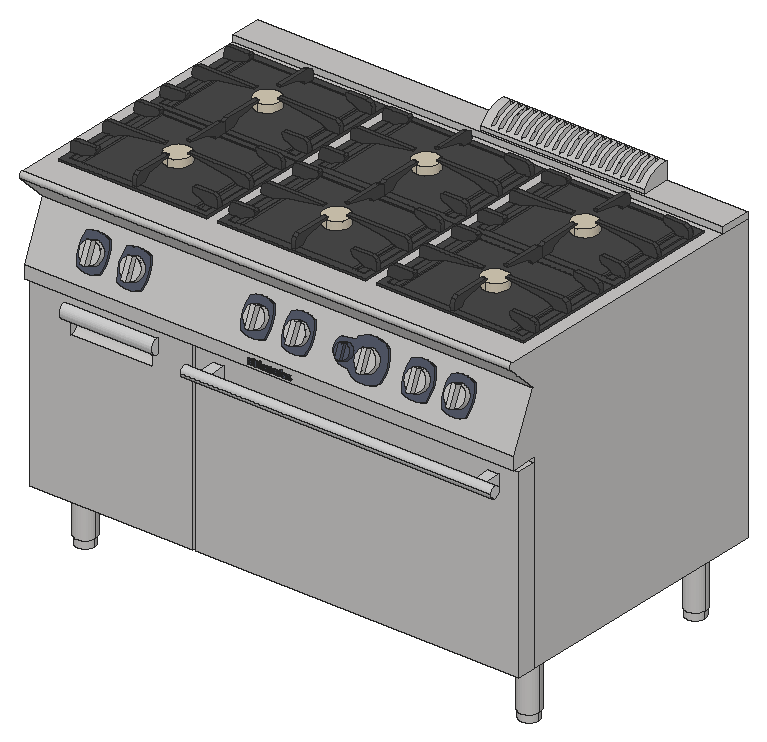
Revit family "QF_ELECTROLUXPROFESSIONAL_371171_E7GCGL6C1A", category Specialty Equipment, Revit 2018
Family settings
  Round Connector Dimension = Use Diameter
  Part Type = Normal
  Work Plane-Based = No
  Always vertical = Yes
  Cut with Voids When Loaded = No
  Shared = No
  Room Calculation Point = No
Parameters (values of type "Standard")
  Weight = 120.00 kg
  Watts = 0 W
  Volts = 0 V
  URL Manufacturer = "http://professional.electrolux.com"
  URL = "http://professional.electrolux.com"
  Steam Supply Size = 0"
  Steam Supply Minimum Pressure = 0.00 psi
  Steam Supply Maximum Pressure = 0.00 psi
  Steam Pounds per Hour = 0
  Show Logo [instance] = yes
  Show Clearance [instance] = yes
  Refrigeration Suction Line Size = 0 mm
  Refrigeration Liquid Line Size = 0 mm
  Refrigerant Compressor Remote = yes
  Phase = 0
  Model = "E7GCGL6C1A"
  Manufacturer = "Electrolux Professional"
  Length Actual = 1200 mm  # constant formula
  Item Number = "371171"
  Hot Water Size = 0"
  Height Actual = 850 mm  # constant formula
  HP = "0 HP"
  Gas Size = 1/2"
  Gas KW = 39
  Gas Input Pressure = 1.3092 Btu/h
  Direct Waste Size = 0"
  Description = "6-BURN.GAS RANGE+GAS OVEN+CUPB.1200 (AGA)"
  Depth Actual = 730 mm  # constant formula
  Cycle = 0 Hz
  Condensate Return Size = 0"
  Compressed Air Volume = 0 GPM
  Compressed Air Size = 0"
  Compressed Air Pressure = 0.00 psi
  Cold Water Size = 0"
  Assembly Code = ""
  Accessory = yes
Reference planes
  plane 1 "BACK": y = 0
  plane 2: z = 0
  plane 3 "LEFT": x = 0
  plane 4 "RIGHT": x = 1200
  plane 5 "FRONT": y = -700
  plane 6 "TOP": z = 908.9
  plane 7 "Center Y": x = 600
  plane 8 "Center X": y = -350
  plane 9 "Base": z = 150
  plane 10: z = 850.9
  plane 11: y = -730
  plane 12: y = -1109
Forms (mm)
  Revolve 1, solid, material "QF_Finishes_Stainless Steel"
    sketch origin (1, -90, 0) x (1, 0, 0) y (0, 0, 1)
      loop
        line (55, 0) -> (55, 150) -> (29.6, 150) -> (29.6, 19.05) -> (32.1, 19.05) -> (32.1, 0) -> (55, 0)
      axis (55, 0) -> (55, 150)
    angle from 0 to 360
  Revolve 2, solid, material "QF_Finishes_Stainless Steel"
    sketch origin (1, -599.588, 0) x (1, 0, 0) y (0, 0, 1)
      loop
        line (55, 0) -> (55, 150) -> (29.6, 150) -> (29.6, 19.05) -> (32.1, 19.05) -> (32.1, 0) -> (55, 0)
      axis (55, 0) -> (55, 150)
    angle from 0 to 360
  Revolve 3, solid, material "QF_Finishes_Stainless Steel"
    sketch origin (799, -90, 0) x (-1, 0, 0) y (0, 0, -1)
      loop
        line (-345, 0) -> (-367.9, 0) -> (-367.9, -19.05) -> (-370.4, -19.05) -> (-370.4, -150) -> (-345, -150) -> (-345, 0)
      axis (-345, 0) -> (-345, -150)
    angle from 0 to 360
  Revolve 4, solid, material "QF_Finishes_Stainless Steel"
    sketch origin (799, -599.588, 0) x (-1, 0, 0) y (0, 0, -1)
      loop
        line (-345, 0) -> (-367.9, 0) -> (-367.9, -19.05) -> (-370.4, -19.05) -> (-370.4, -150) -> (-345, -150) -> (-345, 0)
      axis (-345, 0) -> (-345, -150)
    angle from 0 to 360
  Extrusion 5, solid, material "QF_Finishes_Stainless Steel"
    sketch origin (0, 0, 576.213) x (0, 1, 0) y (0, 0, 1)
      loop
        line (0, -426.213) -> (0, 274.687) -> (-721.37, 274.687)
        arc (-721.37, 274.687) -> (-729.343, 269.36) -> (-727.472, 259.956) r 8.63
        line (-727.472, 259.956) -> (-658.266, 190.62) -> (-715.833, 65.264) -> (-715.833, 33.966) -> (-655.839, 38.662)
        arc (-655.839, 38.662) -> (-653.314, 37.914) -> (-652.222, 35.518) r 3.175
        line (-652.222, 35.518) -> (-652.222, -426.213) -> (0, -426.213)
    from 0 to 1200
  Extrusion 6, solid, material "QF_Finishes_Stainless Steel"
    sketch origin (0, -652.222, 611.731) x (0, 0, -1) y (1, 0, 0)
      loop
        line (461.731, 408.5) -> (461.731, 1200) -> (9.61, 1200) -> (9.61, 408.5) -> (461.731, 408.5)
      loop
        line (461.731, 0) -> (461.731, 400.5) -> (9.61, 400.5) -> (9.61, 0) -> (461.731, 0)
      loop
        line (95.781, 100.253) -> (95.781, 300.8) -> (44.981, 300.8) -> (44.981, 100.253) -> (95.781, 100.253)
    from 3.175 to 47.778
  Extrusion 7, solid, material "QF_Finishes_Stainless Steel"
    sketch origin (0, 0, 576.213) x (0, 1, 0) y (0, 0, 1)
      loop
        line (0, 274.687) -> (0, 288.975) -> (-76.2, 288.975) -> (-76.2, 274.687) -> (0, 274.687)
    from 0 to 1200
  Extrusion 8, solid, material "QF_Finishes_Stainless Steel"
    sketch origin (0, 0, 150) x (-1, 0, 0) y (0, -1, 0)
      loop
        circle (-1147.613, 464) r 6.35
    from -8.815 to 7.722
  Extrusion 9, solid, material "QF_Finishes_Door Clearance", visible <- "Show Clearance", detail levels coarse
    sketch origin (0, 0, 0) x (0, 1, 0) y (0, 0, 1)
      loop
        line (-1109, 150) -> (-700, 150) -> (-700, 601.405)
        arc (-700, 601.405) -> (-991.543, 454.568) -> (-1109, 150) r 453.603
    from 0 to 1200
  Extrusion 10, solid, material "QF_Finishes_Clearance", visible <- "Show Clearance", detail levels coarse
    sketch origin (0, 0, 0) x (1, 0, 0) y (0, 1, 0)
      loop
        line (-150, -730) -> (0, -730) -> (0, 0) -> (1200, 0) -> (1200, -730) -> (1350, -730) -> (1350, 150) -> (-150, 150) -> (-150, -730)
    from 0 to 908.85
  Extrusion 11, solid, material "QF_Finishes_Handrails and Railings"
    sketch origin (400, 0, 0) x (0, 1, 0) y (0, 0, 1)
      loop
        line (-700, 580.001) -> (-738.549, 577.296)
        arc (-738.549, 577.296) -> (-739.742, 563.489) -> (-752.852, 558.993) r 12.7
        arc (-752.852, 558.993) -> (-752.311, 558.176) -> (-751.712, 557.401) r 13.441
        arc (-751.712, 557.401) -> (-749.907, 555.955) -> (-747.679, 555.335) r 5.77
        line (-747.679, 555.335) -> (-700, 551.992) -> (-700, 580.001)
    from 50.8 to 76.2
  Extrusion 12, solid, material "QF_Finishes_Handrails and Railings"
    sketch origin (1200, 0, 0) x (0, 1, 0) y (0, 0, -1)
      loop
        line (-700, -580.001) -> (-700, -551.992) -> (-747.679, -555.335)
        arc (-747.679, -555.335) -> (-749.907, -555.955) -> (-751.712, -557.401) r 5.77
        arc (-751.712, -557.401) -> (-752.311, -558.176) -> (-752.852, -558.993) r 13.441
        arc (-752.852, -558.993) -> (-739.742, -563.489) -> (-738.549, -577.296) r 12.7
        line (-738.549, -577.296) -> (-700, -580.001)
    from 50.8 to 76.2
  Extrusion 13, solid, material "QF_Finishes_Handrails and Railings"
    sketch origin (400, 0, 0) x (0, 1, 0) y (0, 0, 1)
      loop
        circle (-749.749, 571.309) r 12.7
    from 19.875 to 780.125
  Extrusion 14, solid, material "QF_Finishes_Handrails and Railings"
    sketch origin (177.525, -443.896, 1933.213) x (0, 0.885087, 0.465426) y (0, -0.465426, 0.885087)
      loop
        arc (-854.629, -1074.965) -> (-878.641, -1082.427) -> (-871.18, -1106.439) r 17.78
        line (-871.18, -1106.439) -> (-854.629, -1074.965)
    from -89.972 to 135.975
  Extrusion 15, solid, material "QF_Finishes_Stainless Steel"
    sketch origin (-22.5, 0, 28.959) x (0, 1, 0) y (0, 0, 1)
      loop
        line (-700, 486.991) -> (-657.087, 486.991) -> (-657.087, 537.791) -> (-678.147, 537.791) -> (-678.147, 511.464)
        arc (-678.147, 511.464) -> (-684.405, 495.059) -> (-700, 486.991) r 24.63
    from 122.753 to 323.3
  Extrusion 16, solid, material "QF_Finishes_Navy Blue"
    sketch origin (405.244, -713.772, 646.186) x (0, 0.418102, 0.9084) y (-1, 0, 0)
      loop
        arc (102.623, -510.47) -> (67.041, -502.846) -> (31.333, -509.853) r 90.5
        arc (31.333, -509.853) -> (24.507, -539.04) -> (31.333, -568.228) r 65.817
        arc (31.333, -568.228) -> (67.04, -575.188) -> (102.623, -567.615) r 91.066
        arc (102.623, -567.615) -> (109.179, -539.043) -> (102.623, -510.47) r 65.546
    from 0 to 3.175
  Extrusion 17, solid, material "QF_Finishes_Stainless Steel"
    sketch origin (783.994, -717.485, 645.711) x (0, 0.418102, 0.9084) y (-1, 0, 0)
      loop
        circle (68.826, -160.963) r 25.4
    from 0 to 12.7
  Extrusion 18, solid, material "QF_Finishes_Stainless Steel"
    sketch origin (783.994, -729.022, 651.021) x (0, 0.418102, 0.9084) y (-1, 0, 0)
      loop
        arc (93.558, -166.749) -> (94.226, -160.963) -> (93.558, -155.177) r 25.4
        line (93.558, -155.177) -> (44.094, -155.177)
        arc (44.094, -155.177) -> (43.426, -160.963) -> (44.094, -166.749) r 25.4
        line (44.094, -166.749) -> (93.558, -166.749)
    from 0 to 12.7
  Extrusion 19, solid, material "QF_Finishes_Navy Blue"
    sketch origin (282.787, -713.772, 646.186) x (0, 0.418102, 0.9084) y (-1, 0, 0)
      loop
        arc (104.355, -502.587) -> (101.326, -501.258) -> (98.25, -500.039) r 91.066
        arc (98.25, -500.039) -> (96.592, -482.449) -> (93.213, -465.107) r 179.528
        arc (93.213, -465.107) -> (69.244, -452.795) -> (45.274, -465.107) r 29.489
        arc (45.274, -465.107) -> (38.909, -481.441) -> (37.449, -498.912) r 61.044
        arc (37.449, -498.912) -> (34.471, -499.962) -> (31.532, -501.116) r 91.066
        arc (31.532, -501.116) -> (19.517, -540.223) -> (32.929, -578.873) r 65.817
        arc (32.929, -578.873) -> (68.105, -585.173) -> (102.996, -577.452) r 91.066
        arc (102.996, -577.452) -> (115.418, -540.233) -> (104.355, -502.587) r 65.546
    from 0 to 3.175
  Extrusion 20, solid, material "QF_Finishes_Stainless Steel"
    sketch origin (661.537, -717.485, 645.711) x (0, 0.418102, 0.9084) y (-1, 0, 0)
      loop
        circle (68.826, -160.963) r 25.4
    from 0 to 12.7
  Extrusion 21, solid, material "QF_Finishes_Stainless Steel"
    sketch origin (661.537, -729.022, 651.021) x (0, 0.418102, 0.9084) y (-1, 0, 0)
      loop
        arc (93.558, -166.749) -> (94.226, -160.963) -> (93.558, -155.177) r 25.4
        line (93.558, -155.177) -> (44.094, -155.177)
        arc (44.094, -155.177) -> (43.426, -160.963) -> (44.094, -166.749) r 25.4
        line (44.094, -166.749) -> (93.558, -166.749)
    from 0 to 12.7
  Extrusion 22, solid, material "QF_Finishes_Navy Blue"
    sketch origin (604.037, -717.485, 645.711) x (0, 0.418102, 0.9084) y (-1, 0, 0)
      loop
        circle (68.826, -160.963) r 18.37
    from 0 to 12.7
  Extrusion 23, solid, material "QF_Finishes_Navy Blue"
    sketch origin (602.746, -729.022, 651.021) x (0, 0.418102, 0.9084) y (-1, 0, 0)
      loop
        arc (84.808, -167.687) -> (85.476, -161.901) -> (84.808, -156.114) r 25.4
        line (84.808, -156.114) -> (52.844, -156.114)
        arc (52.844, -156.114) -> (52.176, -161.901) -> (52.844, -167.687) r 25.4
        line (52.844, -167.687) -> (84.808, -167.687)
    from 0 to 8.112
  Extrusion 24, solid, material "QF_Finishes_Navy Blue"
    sketch origin (-392.256, -713.772, 646.186) x (0, 0.418102, 0.9084) y (-1, 0, 0)
      loop
        arc (102.623, -510.47) -> (67.041, -502.846) -> (31.333, -509.853) r 90.5
        arc (31.333, -509.853) -> (24.507, -539.04) -> (31.333, -568.228) r 65.817
        arc (31.333, -568.228) -> (67.04, -575.188) -> (102.623, -567.615) r 91.066
        arc (102.623, -567.615) -> (109.179, -539.043) -> (102.623, -510.47) r 65.546
    from 0 to 3.175
  Extrusion 25, solid, material "QF_Finishes_Stainless Steel"
    sketch origin (-13.506, -717.485, 645.711) x (0, 0.418102, 0.9084) y (-1, 0, 0)
      loop
        circle (68.826, -160.963) r 25.4
    from 0 to 12.7
  Extrusion 26, solid, material "QF_Finishes_Stainless Steel"
    sketch origin (-13.506, -729.022, 651.021) x (0, 0.418102, 0.9084) y (-1, 0, 0)
      loop
        arc (93.558, -166.749) -> (94.226, -160.963) -> (93.558, -155.177) r 25.4
        line (93.558, -155.177) -> (44.094, -155.177)
        arc (44.094, -155.177) -> (43.426, -160.963) -> (44.094, -166.749) r 25.4
        line (44.094, -166.749) -> (93.558, -166.749)
    from 0 to 12.7
  Extrusion 27, solid, material "QF_Finishes_Navy Blue"
    sketch origin (-292.256, -713.772, 646.186) x (0, 0.418102, 0.9084) y (-1, 0, 0)
      loop
        arc (102.623, -510.47) -> (67.041, -502.846) -> (31.333, -509.853) r 90.5
        arc (31.333, -509.853) -> (24.507, -539.04) -> (31.333, -568.228) r 65.817
        arc (31.333, -568.228) -> (67.04, -575.188) -> (102.623, -567.615) r 91.066
        arc (102.623, -567.615) -> (109.179, -539.043) -> (102.623, -510.47) r 65.546
    from 0 to 3.175
  Extrusion 28, solid, material "QF_Finishes_Stainless Steel"
    sketch origin (86.494, -717.485, 645.711) x (0, 0.418102, 0.9084) y (-1, 0, 0)
      loop
        circle (68.826, -160.963) r 25.4
    from 0 to 12.7
  Extrusion 29, solid, material "QF_Finishes_Stainless Steel"
    sketch origin (86.494, -729.022, 651.021) x (0, 0.418102, 0.9084) y (-1, 0, 0)
      loop
        arc (93.558, -166.749) -> (94.226, -160.963) -> (93.558, -155.177) r 25.4
        line (93.558, -155.177) -> (44.094, -155.177)
        arc (44.094, -155.177) -> (43.426, -160.963) -> (44.094, -166.749) r 25.4
        line (44.094, -166.749) -> (93.558, -166.749)
    from 0 to 12.7
  Extrusion 30, void
    sketch origin (-62.611, 0, 865.138) x (-1, 0, 0) y (0, -1, 0)
      loop
        line (-695.005, 6.761) -> (-685.709, 6.761) -> (-685.709, 63.911) -> (-695.005, 63.911) -> (-695.005, 6.761)
      loop
        line (-713.697, 6.761) -> (-704.401, 6.761) -> (-704.401, 63.911) -> (-713.697, 63.911) -> (-713.697, 6.761)
      loop
        line (-732.39, 6.761) -> (-723.094, 6.761) -> (-723.094, 63.911) -> (-732.39, 63.911) -> (-732.39, 6.761)
      loop
        line (-751.082, 6.761) -> (-741.787, 6.761) -> (-741.787, 63.911) -> (-751.082, 63.911) -> (-751.082, 6.761)
      loop
        line (-769.775, 6.761) -> (-760.479, 6.761) -> (-760.479, 63.911) -> (-769.775, 63.911) -> (-769.775, 6.761)
      loop
        line (-788.468, 6.761) -> (-779.172, 6.761) -> (-779.172, 63.911) -> (-788.468, 63.911) -> (-788.468, 6.761)
      loop
        line (-807.16, 6.761) -> (-797.864, 6.761) -> (-797.864, 63.911) -> (-807.16, 63.911) -> (-807.16, 6.761)
      loop
        line (-825.853, 6.761) -> (-816.557, 6.761) -> (-816.557, 63.911) -> (-825.853, 63.911) -> (-825.853, 6.761)
      loop
        line (-844.545, 6.761) -> (-835.25, 6.761) -> (-835.25, 63.911) -> (-844.545, 63.911) -> (-844.545, 6.761)
      loop
        line (-863.238, 6.761) -> (-853.942, 6.761) -> (-853.942, 63.911) -> (-863.238, 63.911) -> (-863.238, 6.761)
      loop
        line (-881.931, 6.761) -> (-872.635, 6.761) -> (-872.635, 63.911) -> (-881.931, 63.911) -> (-881.931, 6.761)
      loop
        line (-900.623, 6.761) -> (-891.328, 6.761) -> (-891.328, 63.911) -> (-900.623, 63.911) -> (-900.623, 6.761)
      loop
        line (-919.316, 6.761) -> (-910.02, 6.761) -> (-910.02, 63.911) -> (-919.316, 63.911) -> (-919.316, 6.761)
      loop
        line (-938.008, 6.761) -> (-928.713, 6.761) -> (-928.713, 63.911) -> (-938.008, 63.911) -> (-938.008, 6.761)
      loop
        line (-956.701, 6.761) -> (-947.405, 6.761) -> (-947.405, 63.911) -> (-956.701, 63.911) -> (-956.701, 6.761)
      loop
        line (-975.394, 6.761) -> (-966.098, 6.761) -> (-966.098, 63.911) -> (-975.394, 63.911) -> (-975.394, 6.761)
      loop
        line (-994.086, 6.761) -> (-984.791, 6.761) -> (-984.791, 63.911) -> (-994.086, 63.911) -> (-994.086, 6.761)
      loop
        line (-1012.779, 6.761) -> (-1003.483, 6.761) -> (-1003.483, 63.911) -> (-1012.779, 63.911) -> (-1012.779, 6.761)
      loop
        line (-1031.472, 6.761) -> (-1022.176, 6.761) -> (-1022.176, 63.911) -> (-1031.472, 63.911) -> (-1031.472, 6.761)
      loop
        line (-1050.164, 6.761) -> (-1040.868, 6.761) -> (-1040.868, 63.911) -> (-1050.164, 63.911) -> (-1050.164, 6.761)
    from 9.525 to 45.348
  Extrusion 31, solid, material "QF_Finishes_Stainless Steel"
    sketch origin (202.4, 0, 590.5) x (0, 1, 0) y (0, 0, 1)
      loop
        line (0, 274.688) -> (0, 318.4)
        arc (0, 318.4) -> (-39.072, 309.779) -> (-69.85, 284.212) r 84.854
        line (-69.85, 284.212) -> (-69.85, 274.688) -> (0, 274.688)
    from 400 to 800
  Extrusion 32, solid, material "QF_Finishes_Navy Blue"
    sketch origin (502.744, -713.772, 646.186) x (0, 0.418102, 0.9084) y (-1, 0, 0)
      loop
        arc (102.623, -510.47) -> (67.041, -502.846) -> (31.333, -509.853) r 90.5
        arc (31.333, -509.853) -> (24.507, -539.04) -> (31.333, -568.228) r 65.817
        arc (31.333, -568.228) -> (67.04, -575.188) -> (102.623, -567.615) r 91.066
        arc (102.623, -567.615) -> (109.179, -539.043) -> (102.623, -510.47) r 65.546
    from 0 to 3.175
  Extrusion 33, solid, material "QF_Finishes_Stainless Steel"
    sketch origin (881.494, -717.485, 645.711) x (0, 0.418102, 0.9084) y (-1, 0, 0)
      loop
        circle (68.826, -160.963) r 25.4
    from 0 to 12.7
  Extrusion 34, solid, material "QF_Finishes_Stainless Steel"
    sketch origin (881.494, -729.022, 651.021) x (0, 0.418102, 0.9084) y (-1, 0, 0)
      loop
        arc (93.558, -166.749) -> (94.226, -160.963) -> (93.558, -155.177) r 25.4
        line (93.558, -155.177) -> (44.094, -155.177)
        arc (44.094, -155.177) -> (43.426, -160.963) -> (44.094, -166.749) r 25.4
        line (44.094, -166.749) -> (93.558, -166.749)
    from 0 to 12.7
  Extrusion 35, solid, material "QF_Finishes_Navy Blue"
    sketch origin (10.244, -713.772, 646.186) x (0, 0.418102, 0.9084) y (-1, 0, 0)
      loop
        arc (102.623, -510.47) -> (67.041, -502.846) -> (31.333, -509.853) r 90.5
        arc (31.333, -509.853) -> (24.507, -539.04) -> (31.333, -568.228) r 65.817
        arc (31.333, -568.228) -> (67.04, -575.188) -> (102.623, -567.615) r 91.066
        arc (102.623, -567.615) -> (109.179, -539.043) -> (102.623, -510.47) r 65.546
    from 0 to 3.175
  Extrusion 36, solid, material "QF_Finishes_Stainless Steel"
    sketch origin (388.994, -717.485, 645.711) x (0, 0.418102, 0.9084) y (-1, 0, 0)
      loop
        circle (68.826, -160.963) r 25.4
    from 0 to 12.7
  Extrusion 37, solid, material "QF_Finishes_Stainless Steel"
    sketch origin (388.994, -729.022, 651.021) x (0, 0.418102, 0.9084) y (-1, 0, 0)
      loop
        arc (93.558, -166.749) -> (94.226, -160.963) -> (93.558, -155.177) r 25.4
        line (93.558, -155.177) -> (44.094, -155.177)
        arc (44.094, -155.177) -> (43.426, -160.963) -> (44.094, -166.749) r 25.4
        line (44.094, -166.749) -> (93.558, -166.749)
    from 0 to 12.7
  Extrusion 38, solid, material "QF_Finishes_Navy Blue"
    sketch origin (110.244, -713.772, 646.186) x (0, 0.418102, 0.9084) y (-1, 0, 0)
      loop
        arc (102.623, -510.47) -> (67.041, -502.846) -> (31.333, -509.853) r 90.5
        arc (31.333, -509.853) -> (24.507, -539.04) -> (31.333, -568.228) r 65.817
        arc (31.333, -568.228) -> (67.04, -575.188) -> (102.623, -567.615) r 91.066
        arc (102.623, -567.615) -> (109.179, -539.043) -> (102.623, -510.47) r 65.546
    from 0 to 3.175
  Extrusion 39, solid, material "QF_Finishes_Stainless Steel"
    sketch origin (488.994, -717.485, 645.711) x (0, 0.418102, 0.9084) y (-1, 0, 0)
      loop
        circle (68.826, -160.963) r 25.4
    from 0 to 12.7
  Extrusion 40, solid, material "QF_Finishes_Stainless Steel"
    sketch origin (488.994, -729.022, 651.021) x (0, 0.418102, 0.9084) y (-1, 0, 0)
      loop
        arc (93.558, -166.749) -> (94.226, -160.963) -> (93.558, -155.177) r 25.4
        line (93.558, -155.177) -> (44.094, -155.177)
        arc (44.094, -155.177) -> (43.426, -160.963) -> (44.094, -166.749) r 25.4
        line (44.094, -166.749) -> (93.558, -166.749)
    from 0 to 12.7
  Extrusion 41, solid, material "QF_Finishes_Navy Blue", visible <- "Show Logo"
    sketch origin (261.109, -715.962, 610.773) x (0, 0, 1) y (-1, 0, 0)
      loop
        line (20.674, -296.698) -> (8.307, -296.698)
        arc (8.307, -296.698) -> (14.491, -301.27) -> (20.674, -296.698) r 6.467
      loop
        arc (20.674, -296.069) -> (19.505, -290.926) -> (14.849, -288.448) r 6.338
        line (14.849, -288.448) -> (14.849, -290.494)
        arc (14.849, -290.494) -> (16.333, -294.149) -> (19.778, -296.069) r 5.941
        line (19.778, -296.069) -> (20.674, -296.069)
      loop
        arc (9.203, -296.069) -> (12.648, -294.149) -> (14.132, -290.494) r 5.941
        line (14.132, -290.494) -> (14.132, -288.448)
        arc (14.132, -288.448) -> (9.438, -290.922) -> (8.148, -296.069) r 6.504
        line (8.148, -296.069) -> (9.203, -296.069)
      loop
        line (21.349, -287.979) -> (7.604, -287.979) -> (7.604, -301.742) -> (21.349, -301.742) -> (21.349, -287.979)
      loop
        arc (21.432, -304.71) -> (21.085, -304.352) -> (20.718, -304.69) r 0.358
        arc (20.718, -304.69) -> (20.404, -305.44) -> (19.687, -305.825) r 1.216
        line (19.687, -305.825) -> (9.274, -305.825)
        arc (9.274, -305.825) -> (8.614, -305.548) -> (8.218, -304.951) r 1.238
        arc (8.218, -304.951) -> (7.823, -304.7) -> (7.518, -305.054) r 0.358
        line (7.518, -305.054) -> (7.518, -314.933) -> (10.269, -314.933) -> (10.269, -314.036)
        arc (10.269, -314.036) -> (9.36, -313.456) -> (8.904, -312.479) r 1.928
        line (8.904, -312.479) -> (8.904, -309.98)
        arc (8.904, -309.98) -> (9.18, -309.251) -> (9.868, -308.887) r 1.101
        line (9.868, -308.887) -> (13.955, -308.887) -> (13.955, -312.561)
        arc (13.955, -312.561) -> (13.602, -313.058) -> (13.037, -313.286) r 1.083
        arc (13.037, -313.286) -> (12.773, -313.591) -> (13.065, -313.869) r 0.292
        line (13.065, -313.869) -> (16.028, -313.869)
        arc (16.028, -313.869) -> (16.33, -313.596) -> (16.092, -313.266) r 0.305
        arc (16.092, -313.266) -> (15.601, -313.018) -> (15.296, -312.561) r 1.083
        line (15.296, -312.561) -> (15.296, -308.887) -> (19.973, -308.887) -> (19.973, -312.635)
        arc (19.973, -312.635) -> (19.759, -313.39) -> (19.153, -313.888) r 1.314
        arc (19.153, -313.888) -> (18.934, -314.292) -> (19.288, -314.585) r 0.361
        line (19.288, -314.585) -> (21.432, -314.585) -> (21.432, -304.71)
      loop
        arc (20.715, -315.365) -> (20.335, -316.284) -> (19.416, -316.664) r 1.299
        line (19.416, -316.664) -> (9.837, -316.664)
        arc (9.837, -316.664) -> (8.999, -316.286) -> (8.728, -315.408) r 1.118
        line (8.728, -315.408) -> (7.518, -315.408) -> (7.518, -320.758) -> (8.706, -320.758)
        arc (8.706, -320.758) -> (8.978, -319.841) -> (9.848, -319.445) r 1.153
        line (9.848, -319.445) -> (21.92, -319.445) -> (20.715, -315.365)
      loop
        line (12.483, -323.394) -> (12.483, -329.842) -> (13.282, -329.842)
        arc (13.282, -329.842) -> (15.862, -328.857) -> (17.131, -326.404) r 3.874
        line (17.131, -326.404) -> (17.131, -324.643)
        arc (17.131, -324.643) -> (15.944, -321.778) -> (13.08, -320.592) r 4.051
        line (13.08, -320.592) -> (11.072, -320.592)
        arc (11.072, -320.592) -> (8.253, -322.077) -> (7.202, -325.084) r 4.352
        arc (7.202, -325.084) -> (7.566, -327.547) -> (8.943, -329.621) r 5.713
        line (8.943, -329.621) -> (9.892, -329.621)
        arc (9.892, -329.621) -> (9.16, -328.052) -> (8.943, -326.334) r 5.579
        arc (8.943, -326.334) -> (9.737, -324.371) -> (11.616, -323.394) r 3.057
        line (11.616, -323.394) -> (12.483, -323.394)
      loop
        line (13.742, -323.394) -> (13.742, -326.977)
        arc (13.742, -326.977) -> (15.199, -327.024) -> (16.082, -325.864) r 1.59
        line (16.082, -325.864) -> (16.082, -325.034)
        arc (16.082, -325.034) -> (15.217, -323.779) -> (13.742, -323.394) r 2.184
      loop
        arc (16.533, -339.259) -> (17.022, -337.585) -> (17.179, -335.848) r 9.023
        line (17.179, -335.848) -> (17.179, -334.486)
        arc (17.179, -334.486) -> (16.02, -331.686) -> (13.22, -330.527) r 3.959
        line (13.22, -330.527) -> (10.62, -330.527)
        arc (10.62, -330.527) -> (8.338, -331.819) -> (7.221, -334.192) r 4.331
        line (7.221, -334.192) -> (7.221, -336.327)
        arc (7.221, -336.327) -> (7.729, -337.877) -> (8.651, -339.223) r 5.772
        arc (8.651, -339.223) -> (9.412, -339.274) -> (9.499, -338.515) r 0.553
        arc (9.499, -338.515) -> (9.111, -337.781) -> (8.977, -336.962) r 2.573
        line (8.977, -336.962) -> (8.977, -335.447)
        arc (8.977, -335.447) -> (9.983, -333.806) -> (11.798, -333.163) r 2.884
        line (11.798, -333.163) -> (13.077, -333.163)
        arc (13.077, -333.163) -> (14.898, -333.723) -> (15.824, -335.388) r 2.554
        line (15.824, -335.388) -> (15.824, -336.441)
        arc (15.824, -336.441) -> (15.493, -337.369) -> (14.836, -338.104) r 2.564
        arc (14.836, -338.104) -> (14.614, -338.821) -> (15.223, -339.259) r 0.643
        line (15.223, -339.259) -> (16.533, -339.259)
      loop
        line (15.515, -339.53) -> (15.515, -341.031) -> (9.467, -341.031)
        arc (9.467, -341.031) -> (7.879, -341.688) -> (7.221, -343.276) r 2.246
        line (7.221, -343.276) -> (7.221, -344.86)
        arc (7.221, -344.86) -> (7.535, -345.725) -> (8.035, -346.496) r 4.06
        arc (8.035, -346.496) -> (8.768, -346.629) -> (9.019, -345.928) r 0.576
        arc (9.019, -345.928) -> (8.913, -345.403) -> (8.977, -344.87) r 1.69
        arc (8.977, -344.87) -> (9.519, -344.082) -> (10.425, -343.779) r 1.506
        line (10.425, -343.779) -> (15.563, -343.779) -> (15.563, -346.176) -> (16.119, -346.733) -> (16.941, -346.733) -> (16.941, -343.873) -> (20.172, -343.873) -> (15.515, -339.53)
      loop
        line (7.438, -347.63) -> (7.438, -353.017) -> (8.548, -353.017)
        arc (8.548, -353.017) -> (8.942, -352.066) -> (9.893, -351.672) r 1.345
        line (9.893, -351.672) -> (13.509, -351.672)
        arc (13.509, -351.672) -> (14.274, -352.264) -> (14.564, -353.186) r 1.615
        line (14.564, -353.186) -> (14.564, -354.742) -> (17.119, -355.427) -> (17.119, -354.044) -> (15.177, -351.485) -> (17.057, -351.485) -> (16.773, -348.779)
        arc (16.773, -348.779) -> (16.333, -348.249) -> (15.674, -348.45) r 0.621
        arc (15.674, -348.45) -> (15.274, -348.792) -> (14.78, -348.975) r 1.501
        line (14.78, -348.975) -> (9.893, -348.975)
        arc (9.893, -348.975) -> (8.942, -348.581) -> (8.548, -347.63) r 1.345
        line (8.548, -347.63) -> (7.438, -347.63)
      loop
        line (13.54, -354.964) -> (10.848, -354.964)
        arc (10.848, -354.964) -> (8.403, -356.272) -> (7.269, -358.803) r 4.288
        arc (7.269, -358.803) -> (7.205, -360.183) -> (7.269, -361.563) r 15.022
        arc (7.269, -361.563) -> (8.403, -364.094) -> (10.848, -365.401) r 4.288
        line (10.848, -365.401) -> (13.54, -365.401)
        arc (13.54, -365.401) -> (15.986, -364.094) -> (17.119, -361.563) r 4.288
        arc (17.119, -361.563) -> (17.183, -360.183) -> (17.119, -358.803) r 15.022
        arc (17.119, -358.803) -> (15.986, -356.272) -> (13.54, -354.964) r 4.288
      loop
        line (13.745, -358.078) -> (10.643, -358.078)
        arc (10.643, -358.078) -> (8.486, -360.235) -> (10.643, -362.392) r 2.157
        line (10.643, -362.392) -> (13.745, -362.392)
        arc (13.745, -362.392) -> (15.902, -360.235) -> (13.745, -358.078) r 2.157
      loop
        arc (20.726, -365.26) -> (20.355, -366.154) -> (19.461, -366.524) r 1.264
        line (19.461, -366.524) -> (9.597, -366.524)
        arc (9.597, -366.524) -> (8.727, -366.127) -> (8.455, -365.211) r 1.153
        line (8.455, -365.211) -> (7.518, -365.211) -> (7.518, -370.319) -> (8.446, -370.319)
        arc (8.446, -370.319) -> (8.805, -369.547) -> (9.597, -369.232) r 1.153
        line (9.597, -369.232) -> (21.92, -369.232) -> (20.726, -365.26)
      loop
        arc (15.846, -369.857) -> (15.647, -370.921) -> (14.678, -371.403) r 1.215
        line (14.678, -371.403) -> (9.658, -371.403)
        arc (9.658, -371.403) -> (8.043, -372.051) -> (7.322, -373.634) r 2.338
        line (7.322, -373.634) -> (7.322, -375.148)
        arc (7.322, -375.148) -> (7.497, -376.152) -> (7.999, -377.038) r 2.979
        line (7.999, -377.038) -> (7.518, -378.835) -> (7.518, -380.524) -> (16.943, -380.524) -> (16.649, -376.32) -> (15.863, -376.32)
        arc (15.863, -376.32) -> (15.507, -377.156) -> (14.755, -377.665) r 1.605
        line (14.755, -377.665) -> (9.652, -377.665)
        arc (9.652, -377.665) -> (9.232, -376.728) -> (9.159, -375.704) r 2.94
        arc (9.159, -375.704) -> (9.72, -374.603) -> (10.873, -374.16) r 1.724
        line (10.873, -374.16) -> (17.07, -374.16) -> (15.846, -369.857)
      loop
        line (16.874, -381.377) -> (15.202, -383.423) -> (12.028, -385.729) -> (8.572, -382.617)
        arc (8.572, -382.617) -> (8.335, -382.223) -> (8.357, -381.764) r 0.789
        line (8.357, -381.764) -> (7.518, -381.764) -> (7.518, -385.309) -> (8.344, -385.309)
        arc (8.344, -385.309) -> (8.686, -384.947) -> (9.176, -385.039) r 0.52
        line (9.176, -385.039) -> (10.976, -386.51) -> (8.858, -387.886)
        arc (8.858, -387.886) -> (8.457, -387.576) -> (8.37, -387.076) r 0.7
        line (8.37, -387.076) -> (7.518, -387.076) -> (7.518, -393.003) -> (8.405, -393.003)
        arc (8.405, -393.003) -> (8.472, -392.344) -> (8.866, -391.813) r 1.247
        line (8.866, -391.813) -> (13.066, -388.532) -> (15.513, -390.585) -> (16.874, -392.327) -> (16.874, -388.604) -> (15.389, -389.026) -> (13.868, -387.749) -> (15.568, -386.559) -> (16.874, -387.336) -> (16.874, -381.377)
    from 0 to 1.644
Cuts and joins
  Extrusion 30 cuts Extrusion 7
  joined: Extrusion 6, Extrusion 15
  Extrusion 30 cuts Extrusion 10
  Extrusion 30 cuts Extrusion 31
Lines and regions (mm)
  symbolic lines, style "QF-Door Swings"
    curve 1: line (0, -730, 150) -> (0, -1109, 150)
    curve 2: line (0, -1109, 150) -> (1200, -1109, 150)
    curve 3: line (1200, -1109, 150) -> (1200, -730, 150)
  symbolic lines
    curve 4: line (1200, -730, 150) -> (0, -730, 150)
    curve 5: line (0, 0, 150) -> (0, -730, 150)
    curve 6: line (0, -69.85, 150) -> (1200, -69.85, 150)
    curve 7: line (0, -76.2, 150) -> (1200, -76.2, 150)
    curve 8: line (1200, -730, 150) -> (1200, 0, 150)
    curve 9: line (0, 0, 150) -> (1200, 0, 150)
    curve 13: line (1180.125, -762.449, 150) -> (419.875, -762.449, 150)
    curve 14: line (1180.125, -737.049, 150) -> (1180.125, -762.449, 150)
    curve 15: line (1149.2, -738.549, 150) -> (1149.2, -730, 150)
    curve 16: line (1123.8, -738.549, 150) -> (1123.8, -730, 150)
    curve 17: line (1123.8, -738.549, 150) -> (1149.2, -738.549, 150)
    curve 18: line (419.875, -737.049, 150) -> (450.8, -737.049, 150)
    curve 19: line (1149.2, -737.049, 150) -> (1180.125, -737.049, 150)
    curve 20: line (632.394, -6.761, 150) -> (632.394, -63.911, 150)
    curve 21: line (632.394, -63.911, 150) -> (623.098, -63.911, 150)
    curve 22: line (623.098, -63.911, 150) -> (623.098, -6.761, 150)
    curve 23: line (623.098, -6.761, 150) -> (632.394, -6.761, 150)
    curve 24: line (838.012, -6.761, 150) -> (838.012, -63.911, 150)
    curve 25: line (838.012, -63.911, 150) -> (828.717, -63.911, 150)
    curve 26: line (828.717, -63.911, 150) -> (828.717, -6.761, 150)
    curve 27: line (828.717, -6.761, 150) -> (838.012, -6.761, 150)
    curve 28: line (819.32, -6.761, 150) -> (819.32, -63.911, 150)
    curve 29: line (819.32, -63.911, 150) -> (810.024, -63.911, 150)
    curve 30: line (810.024, -63.911, 150) -> (810.024, -6.761, 150)
    curve 31: line (810.024, -6.761, 150) -> (819.32, -6.761, 150)
    curve 32: line (800.627, -6.761, 150) -> (800.627, -63.911, 150)
    curve 33: line (800.627, -63.911, 150) -> (791.331, -63.911, 150)
    curve 34: line (791.331, -63.911, 150) -> (791.331, -6.761, 150)
    curve 35: line (791.331, -6.761, 150) -> (800.627, -6.761, 150)
    curve 36: line (781.934, -6.761, 150) -> (781.934, -63.911, 150)
    curve 37: line (781.934, -63.911, 150) -> (772.639, -63.911, 150)
    curve 38: line (772.639, -63.911, 150) -> (772.639, -6.761, 150)
    curve 39: line (772.639, -6.761, 150) -> (781.934, -6.761, 150)
    curve 40: line (763.242, -6.761, 150) -> (763.242, -63.911, 150)
    curve 41: line (763.242, -63.911, 150) -> (753.946, -63.911, 150)
    curve 42: line (753.946, -63.911, 150) -> (753.946, -6.761, 150)
    curve 43: line (753.946, -6.761, 150) -> (763.242, -6.761, 150)
    curve 44: line (744.549, -6.761, 150) -> (744.549, -63.911, 150)
    curve 45: line (744.549, -63.911, 150) -> (735.253, -63.911, 150)
    curve 46: line (735.253, -63.911, 150) -> (735.253, -6.761, 150)
    curve 47: line (735.253, -6.761, 150) -> (744.549, -6.761, 150)
    curve 48: line (725.857, -6.761, 150) -> (725.857, -63.911, 150)
    curve 49: line (725.857, -63.911, 150) -> (716.561, -63.911, 150)
    curve 50: line (716.561, -63.911, 150) -> (716.561, -6.761, 150)
    curve 51: line (716.561, -6.761, 150) -> (725.857, -6.761, 150)
    curve 52: line (707.164, -6.761, 150) -> (707.164, -63.911, 150)
    curve 53: line (707.164, -63.911, 150) -> (697.868, -63.911, 150)
    curve 54: line (697.868, -63.911, 150) -> (697.868, -6.761, 150)
    curve 55: line (697.868, -6.761, 150) -> (707.164, -6.761, 150)
    curve 56: line (688.471, -6.761, 150) -> (688.471, -63.911, 150)
    curve 57: line (688.471, -63.911, 150) -> (679.176, -63.911, 150)
    curve 58: line (679.176, -63.911, 150) -> (679.176, -6.761, 150)
    curve 59: line (679.176, -6.761, 150) -> (688.471, -6.761, 150)
    curve 60: line (669.779, -6.761, 150) -> (669.779, -63.911, 150)
    curve 61: line (669.779, -63.911, 150) -> (660.483, -63.911, 150)
    curve 62: line (660.483, -63.911, 150) -> (660.483, -6.761, 150)
    curve 63: line (660.483, -6.761, 150) -> (669.779, -6.761, 150)
    curve 64: line (651.086, -6.761, 150) -> (651.086, -63.911, 150)
    curve 65: line (651.086, -63.911, 150) -> (641.79, -63.911, 150)
    curve 66: line (641.79, -63.911, 150) -> (641.79, -6.761, 150)
    curve 67: line (641.79, -6.761, 150) -> (651.086, -6.761, 150)
    curve 68: line (987.553, -6.761, 150) -> (987.553, -63.911, 150)
    curve 69: line (987.553, -63.911, 150) -> (978.257, -63.911, 150)
    curve 70: line (978.257, -63.911, 150) -> (978.257, -6.761, 150)
    curve 71: line (978.257, -6.761, 150) -> (987.553, -6.761, 150)
    curve 72: line (968.861, -6.761, 150) -> (968.861, -63.911, 150)
    curve 73: line (968.861, -63.911, 150) -> (959.565, -63.911, 150)
    curve 74: line (959.565, -63.911, 150) -> (959.565, -6.761, 150)
    curve 75: line (959.565, -6.761, 150) -> (968.861, -6.761, 150)
    curve 76: line (950.168, -6.761, 150) -> (950.168, -63.911, 150)
    curve 77: line (950.168, -63.911, 150) -> (940.872, -63.911, 150)
    curve 78: line (940.872, -63.911, 150) -> (940.872, -6.761, 150)
    curve 79: line (940.872, -6.761, 150) -> (950.168, -6.761, 150)
    curve 80: line (931.475, -6.761, 150) -> (931.475, -63.911, 150)
    curve 81: line (931.475, -63.911, 150) -> (922.18, -63.911, 150)
    curve 82: line (922.18, -63.911, 150) -> (922.18, -6.761, 150)
    curve 83: line (922.18, -6.761, 150) -> (931.475, -6.761, 150)
    curve 84: line (912.783, -6.761, 150) -> (912.783, -63.911, 150)
    curve 85: line (912.783, -63.911, 150) -> (903.487, -63.911, 150)
    curve 86: line (903.487, -63.911, 150) -> (903.487, -6.761, 150)
    curve 87: line (903.487, -6.761, 150) -> (912.783, -6.761, 150)
    curve 88: line (894.09, -6.761, 150) -> (894.09, -63.911, 150)
    curve 89: line (894.09, -63.911, 150) -> (884.794, -63.911, 150)
    curve 90: line (884.794, -63.911, 150) -> (884.794, -6.761, 150)
    curve 91: line (884.794, -6.761, 150) -> (894.09, -6.761, 150)
    curve 92: line (875.397, -6.761, 150) -> (875.397, -63.911, 150)
    curve 93: line (875.397, -63.911, 150) -> (866.102, -63.911, 150)
    curve 94: line (866.102, -63.911, 150) -> (866.102, -6.761, 150)
    curve 95: line (866.102, -6.761, 150) -> (875.397, -6.761, 150)
    curve 96: line (856.705, -6.761, 150) -> (856.705, -63.911, 150)
    curve 97: line (856.705, -63.911, 150) -> (847.409, -63.911, 150)
    curve 98: line (847.409, -63.911, 150) -> (847.409, -6.761, 150)
    curve 99: line (847.409, -6.761, 150) -> (856.705, -6.761, 150)
    curve 100: line (1002.4, -69.85, 150) -> (1002.4, 0, 150)
    curve 101: line (602.4, -69.85, 150) -> (602.4, 0, 150)
    curve 102: line (450.8, -738.549, 150) -> (450.8, -730, 150)
    curve 103: line (476.2, -730, 150) -> (476.2, -738.549, 150)
    curve 104: line (419.875, -737.049, 150) -> (450.8, -737.049, 150)
    curve 105: line (419.875, -762.449, 150) -> (419.875, -737.049, 150)
    curve 106: line (450.8, -738.549, 150) -> (476.2, -738.549, 150)
    curve 107: line (476.2, -737.049, 150) -> (1123.8, -737.049, 150)
  symbolic lines, style "QF-Clearances", visible <- "Show Clearance", detail levels coarse
    curve 10: line (-150, -730, 150) -> (-150, 150, 150)
    curve 11: line (-150, 150, 150) -> (1350, 150, 150)
    curve 12: line (1350, 150, 150) -> (1350, -730, 150)
Dimensions and locks
  equal spacing: plane 3 "LEFT", plane 7 "Center Y", plane 4 "RIGHT"
  plane 3 "LEFT" to plane 4 "RIGHT" = 1200 mm
  equal spacing: plane 5 "FRONT", plane 8 "Center X", plane 1 "BACK"
  plane 11 to plane 1 "BACK" = 730 mm
  plane 6 "TOP" to level = 908.9 mm
  plane 9 "Base" to level = 150 mm
  plane 6 "TOP" to plane 10 = 58 mm  (x2)
  plane 1 "BACK" to plane 11 = 730 mm
  plane 1 "BACK" to plane 12 = 1109 mm
  aligned and locked: level to plane 2
Automatic sketch dimensions
  Revolve 1 sketch curve to plane 9 "Base" = 0 mm  (x2)
  Revolve 1 sketch curve to level = 0 mm
  plane 3 "LEFT" to Revolve 1 sketch curve = 30.6 mm
  Revolve 1 sketch curve to Revolve 1 sketch curve = 2.5 mm
  Revolve 1 sketch curve to Revolve 1 sketch curve = 25.4 mm
  Revolve 1 sketch curve to Revolve 1 sketch curve = 0 mm
  level to Revolve 1 sketch curve = 19.05 mm
  plane 9 "Base" to Revolve 1 sketch curve = 20 mm
  Revolve 2 sketch curve to plane 9 "Base" = 0 mm  (x2)
  Revolve 2 sketch curve to level = 0 mm
  plane 3 "LEFT" to Revolve 2 sketch curve = 30.6 mm
  Revolve 2 sketch curve to Revolve 2 sketch curve = 2.5 mm
  Revolve 2 sketch curve to Revolve 2 sketch curve = 25.4 mm
  Revolve 2 sketch curve to Revolve 2 sketch curve = 0 mm
  level to Revolve 2 sketch curve = 19.05 mm
  plane 9 "Base" to Revolve 2 sketch curve = 20 mm
  Revolve 3 sketch curve to plane 9 "Base" = 0 mm  (x2)
  Revolve 3 sketch curve to level = 0 mm
  Revolve 3 sketch curve to plane 4 "RIGHT" = 30.6 mm
  Revolve 3 sketch curve to Revolve 3 sketch curve = 2.5 mm
  Revolve 3 sketch curve to Revolve 3 sketch curve = 25.4 mm
  Revolve 3 sketch curve to Revolve 3 sketch curve = 0 mm
  plane 9 "Base" to Revolve 3 sketch curve = 20 mm
  level to Revolve 3 sketch curve = 19.05 mm
  Revolve 4 sketch curve to plane 9 "Base" = 0 mm  (x2)
  Revolve 4 sketch curve to level = 0 mm
  Revolve 4 sketch curve to plane 4 "RIGHT" = 30.6 mm
  Revolve 4 sketch curve to Revolve 4 sketch curve = 2.5 mm
  Revolve 4 sketch curve to Revolve 4 sketch curve = 25.4 mm
  Revolve 4 sketch curve to Revolve 4 sketch curve = 0 mm
  plane 9 "Base" to Revolve 4 sketch curve = 20 mm
  level to Revolve 4 sketch curve = 19.05 mm
  Extrusion 5 sketch curve to plane 10 = 0 mm
  Extrusion 5 sketch curve to plane 9 "Base" = 0 mm
  Extrusion 5 sketch curve to plane 1 "BACK" = 0 mm
  Extrusion 5 sketch curve to plane 5 "FRONT" = 47.778 mm
  Extrusion 5 sketch curve to Extrusion 5 sketch curve = 3.175 mm
  Extrusion 5 sketch curve to Extrusion 5 sketch curve = 0.442 mm
  Extrusion 5 sketch curve to plane 5 "FRONT" = 41.734 mm
  Extrusion 5 sketch curve to plane 11 = 14.167 mm
  Extrusion 5 sketch curve to plane 11 = 8.63 mm
  Extrusion 5 sketch curve to plane 11 = 2.528 mm
  Extrusion 5 sketch curve to plane 10 = 240.721 mm
  Extrusion 5 sketch curve to Extrusion 5 sketch curve = 1.552 mm
  Extrusion 5 sketch curve to Extrusion 5 sketch curve = 31.298 mm
  Extrusion 5 sketch curve to plane 10 = 84.067 mm
  Extrusion 5 sketch curve to plane 10 = 14.732 mm
  Extrusion 6 sketch curve to Extrusion 5 = 0 mm  (x3)
  Extrusion 5 to Extrusion 6 sketch curve = 0 mm
  Extrusion 5 to Extrusion 6 sketch curve = 95.781 mm
  Extrusion 5 to Extrusion 6 sketch curve = 44.981 mm
  Extrusion 5 to Extrusion 6 sketch curve = 9.61 mm  (x2)
  Extrusion 5 to Extrusion 6 sketch curve = 100.253 mm
  Extrusion 6 sketch curve to Extrusion 6 sketch curve = 200.547 mm
  Extrusion 6 sketch curve to Extrusion 6 sketch curve = 99.7 mm
  Extrusion 6 sketch curve to Extrusion 6 sketch curve = 8 mm
  Extrusion 7 sketch curve to plane 10 = 0 mm
  Extrusion 7 sketch curve to plane 1 "BACK" = 0 mm
  plane 10 to Extrusion 7 sketch curve = 14.288 mm
  Extrusion 7 sketch curve to Extrusion 7 sketch curve = 76.2 mm
  Extrusion 8 sketch curve to plane 4 "RIGHT" = 52.387 mm
  Extrusion 8 sketch curve to plane 8 "Center X" = 114 mm
  Extrusion 9 sketch curve to plane 9 "Base" = 0 mm
  Extrusion 9 sketch curve to plane 12 = 0 mm
  Extrusion 9 sketch curve to plane 5 "FRONT" = 0 mm
  Extrusion 9 sketch curve to Extrusion 9 sketch curve = 44.603 mm
  plane 11 to curve 12 = 0 mm
  curve 3 to plane 4 "RIGHT" = 0 mm
  curve 4 to plane 4 "RIGHT" = 0 mm
  plane 11 to curve 15 = 0 mm
  plane 1 "BACK" to curve 100 = 0 mm
  curve 2 to plane 3 "LEFT" = 0 mm
  curve 4 to plane 3 "LEFT" = 0 mm
  plane 11 to curve 10 = 0 mm
  plane 12 to curve 2 = 0 mm
  curve 12 to curve 4 = 150 mm
  curve 14 to plane 4 "RIGHT" = 19.875 mm
  curve 14 to curve 15 = 30.925 mm
  plane 11 to curve 107 = 7.049 mm
  curve 19 to curve 107 = 25.4 mm
  plane 1 "BACK" to curve 100 = 69.85 mm
  curve 100 to plane 4 "RIGHT" = 197.6 mm
  curve 100 to curve 68 = 14.847 mm
  curve 68 to curve 69 = 9.296 mm
  curve 70 to curve 75 = 9.397 mm
  curve 72 to curve 73 = 9.296 mm
  curve 73 to curve 77 = 9.397 mm
  curve 76 to curve 79 = 9.296 mm
  curve 77 to curve 80 = 9.397 mm
  curve 80 to curve 83 = 9.296 mm
  curve 81 to curve 85 = 9.397 mm
  curve 84 to curve 87 = 9.296 mm
  curve 85 to curve 89 = 9.397 mm
  curve 88 to curve 90 = 9.296 mm
  curve 90 to curve 92 = 9.397 mm
  curve 92 to curve 94 = 9.296 mm
  curve 93 to curve 96 = 9.397 mm
  curve 96 to curve 97 = 9.296 mm
  curve 97 to curve 24 = 9.397 mm
  curve 24 to curve 27 = 9.296 mm
  curve 25 to curve 29 = 9.397 mm
  curve 28 to curve 31 = 9.296 mm
  curve 29 to curve 33 = 9.397 mm
  curve 32 to curve 34 = 9.296 mm
  curve 33 to curve 36 = 9.397 mm
  curve 36 to curve 37 = 9.296 mm
  curve 38 to curve 40 = 9.397 mm
  curve 40 to curve 42 = 9.296 mm
  curve 42 to curve 44 = 9.397 mm
  curve 44 to curve 47 = 9.296 mm
  curve 45 to curve 48 = 9.397 mm
  curve 48 to curve 50 = 9.296 mm
  curve 49 to curve 53 = 9.397 mm
  curve 52 to curve 54 = 9.296 mm
  curve 53 to curve 56 = 9.397 mm
  curve 56 to curve 58 = 9.296 mm
  curve 58 to curve 63 = 9.397 mm
  curve 60 to curve 62 = 9.296 mm
  curve 61 to curve 64 = 9.397 mm
  curve 64 to curve 66 = 9.296 mm
  curve 66 to curve 23 = 9.397 mm
  curve 20 to curve 22 = 9.296 mm
  plane 7 "Center Y" to curve 101 = 2.4 mm
  plane 11 to curve 103 = 8.549 mm
  curve 103 to plane 7 "Center Y" = 123.8 mm
  plane 11 to curve 104 = 7.049 mm
  curve 107 to curve 104 = 25.4 mm
  curve 102 to curve 13 = 30.925 mm
  curve 11 to plane 3 "LEFT" = 150 mm
  curve 12 to plane 1 "BACK" = 150 mm
  plane 1 "BACK" to curve 86 = 6.761 mm
  plane 1 "BACK" to curve 83 = 6.761 mm
  plane 1 "BACK" to curve 88 = 6.761 mm
  plane 1 "BACK" to curve 92 = 6.761 mm
  plane 1 "BACK" to curve 79 = 6.761 mm
  plane 1 "BACK" to curve 54 = 6.761 mm
  plane 1 "BACK" to curve 99 = 6.761 mm
  plane 1 "BACK" to curve 75 = 6.761 mm
  plane 1 "BACK" to curve 20 = 6.761 mm
  plane 1 "BACK" to curve 71 = 6.761 mm
  plane 1 "BACK" to curve 24 = 6.761 mm
  plane 1 "BACK" to curve 67 = 6.761 mm
  plane 1 "BACK" to curve 28 = 6.761 mm
  plane 1 "BACK" to curve 63 = 6.761 mm
  plane 1 "BACK" to curve 32 = 6.761 mm
  plane 1 "BACK" to curve 59 = 6.761 mm
  plane 1 "BACK" to curve 36 = 6.761 mm
  plane 1 "BACK" to curve 51 = 6.761 mm
  plane 1 "BACK" to curve 40 = 6.761 mm
  plane 1 "BACK" to curve 47 = 6.761 mm
  curve 46 to curve 46 = 57.15 mm
  curve 44 to curve 42 = 0 mm
  curve 48 to curve 45 = 0 mm
  curve 40 to curve 38 = 0 mm
  curve 52 to curve 49 = 0 mm
  curve 94 to curve 94 = 57.15 mm
  curve 36 to curve 34 = 0 mm
  curve 56 to curve 53 = 0 mm
  curve 32 to curve 30 = 0 mm
  curve 60 to curve 57 = 0 mm
  curve 28 to curve 26 = 0 mm
  curve 64 to curve 61 = 0 mm
  curve 22 to curve 65 = 0 mm
  curve 68 to curve 100 = 5.939 mm
  curve 96 to curve 93 = 0 mm
  curve 72 to curve 69 = 0 mm
  curve 76 to curve 73 = 0 mm
  curve 92 to curve 90 = 0 mm
  curve 80 to curve 77 = 0 mm
  curve 88 to curve 86 = 0 mm
  curve 6 to curve 7 = 6.35 mm
  plane 11 to curve 19 = 7.049 mm
  curve 19 to curve 15 = 1.5 mm
  curve 14 to curve 13 = 25.4 mm
  plane 11 to Extrusion 10 sketch curve = 0 mm  (x2)
  Extrusion 10 sketch curve to plane 3 "LEFT" = 0 mm
  plane 1 "BACK" to Extrusion 10 sketch curve = 0 mm
  Extrusion 10 sketch curve to plane 4 "RIGHT" = 0 mm
  Extrusion 10 sketch curve to plane 3 "LEFT" = 150 mm
  plane 4 "RIGHT" to Extrusion 10 sketch curve = 150 mm
  Extrusion 10 sketch curve to plane 1 "BACK" = 150 mm
  Extrusion 11 sketch curve to plane 5 "FRONT" = 0 mm
  plane 11 to Extrusion 11 sketch curve = 8.549 mm
  plane 11 to Extrusion 11 sketch curve = 11.379 mm
  Extrusion 11 sketch curve to Extrusion 11 sketch curve = 5.898 mm
  Extrusion 11 sketch curve to Extrusion 11 sketch curve = 0.402 mm
  Extrusion 11 sketch curve to Extrusion 11 sketch curve = 8.37 mm
  Extrusion 11 sketch curve to Extrusion 11 sketch curve = 4.033 mm
  Extrusion 11 sketch curve to Extrusion 11 sketch curve = 0 mm  (x2)
  Extrusion 11 sketch curve to Extrusion 11 sketch curve = 1.139 mm
  Extrusion 11 sketch curve to plane 10 = 298.908 mm
  Extrusion 11 sketch curve to Extrusion 11 sketch curve = 3.343 mm
  Extrusion 11 sketch curve to Extrusion 11 sketch curve = 2.066 mm
  Extrusion 11 sketch curve to Extrusion 11 sketch curve = 5.312 mm
  Extrusion 11 sketch curve to Extrusion 11 sketch curve = 28.009 mm
  Extrusion 12 sketch curve to plane 5 "FRONT" = 0 mm
  plane 11 to Extrusion 12 sketch curve = 8.549 mm
  plane 11 to Extrusion 12 sketch curve = 11.379 mm
  Extrusion 12 sketch curve to Extrusion 12 sketch curve = 5.898 mm
  Extrusion 12 sketch curve to Extrusion 12 sketch curve = 0.402 mm
  Extrusion 12 sketch curve to Extrusion 12 sketch curve = 8.37 mm
  Extrusion 12 sketch curve to Extrusion 12 sketch curve = 4.033 mm
  Extrusion 12 sketch curve to Extrusion 12 sketch curve = 0 mm  (x2)
  Extrusion 12 sketch curve to Extrusion 12 sketch curve = 1.139 mm
  Extrusion 12 sketch curve to plane 10 = 270.899 mm
  Extrusion 12 sketch curve to Extrusion 12 sketch curve = 2.705 mm
  Extrusion 12 sketch curve to Extrusion 12 sketch curve = 5.987 mm
  Extrusion 12 sketch curve to Extrusion 12 sketch curve = 5.312 mm
  Extrusion 12 sketch curve to Extrusion 12 sketch curve = 28.009 mm
  plane 11 to Extrusion 13 sketch curve = 19.749 mm
  Extrusion 13 sketch curve to plane 10 = 279.591 mm
  Extrusion 14 sketch curve to plane 5 "FRONT" = 0 mm  (x3)
  Extrusion 14 sketch curve to plane 10 = 302.451 mm
  Extrusion 14 sketch curve to Extrusion 14 sketch curve = 8.275 mm
  Extrusion 15 sketch curve to plane 5 "FRONT" = 0 mm
  plane 5 "FRONT" to Extrusion 15 sketch curve = 2.777 mm
  Extrusion 15 sketch curve to plane 5 "FRONT" = 21.853 mm
  Extrusion 15 sketch curve to Extrusion 15 sketch curve = 21.059 mm
  Extrusion 15 sketch curve to plane 10 = 334.95 mm
  Extrusion 15 sketch curve to Extrusion 15 sketch curve = 26.327 mm
  Extrusion 16 sketch curve to plane 4 "RIGHT" = 284.904 mm
  Extrusion 16 sketch curve to Extrusion 16 sketch curve = 0 mm
  Extrusion 16 sketch curve to Extrusion 16 sketch curve = 12.3 mm  (x3)
  Extrusion 16 sketch curve to Extrusion 16 sketch curve = 34.925 mm  (x2)
  Extrusion 16 sketch curve to Extrusion 16 sketch curve = 46.691 mm
  Extrusion 16 sketch curve to Extrusion 16 sketch curve = 0.617 mm
  Extrusion 16 sketch curve to Extrusion 16 sketch curve = 28.57 mm
  Extrusion 16 sketch curve to Extrusion 16 sketch curve = 29.185 mm
  Extrusion 18 sketch curve to Extrusion 18 sketch curve = 24.732 mm
  Extrusion 18 sketch curve to Extrusion 18 sketch curve = 0 mm
  Extrusion 19 sketch curve to Extrusion 19 sketch curve = 0 mm  (x2)
  plane 7 "Center Y" to Extrusion 19 sketch curve = 190.859 mm
  Extrusion 19 sketch curve to Extrusion 19 sketch curve = 112.63 mm
  Extrusion 19 sketch curve to Extrusion 19 sketch curve = 1.398 mm
  Extrusion 19 sketch curve to Extrusion 19 sketch curve = 5.918 mm
  Extrusion 19 sketch curve to Extrusion 19 sketch curve = 7.825 mm
  Extrusion 19 sketch curve to Extrusion 19 sketch curve = 12.433 mm
  Extrusion 19 sketch curve to Extrusion 19 sketch curve = 33.329 mm
  Extrusion 19 sketch curve to Extrusion 19 sketch curve = 28.808 mm
  Extrusion 19 sketch curve to Extrusion 19 sketch curve = 2.986 mm
  Extrusion 19 sketch curve to Extrusion 19 sketch curve = 35.441 mm
  Extrusion 19 sketch curve to Extrusion 19 sketch curve = 23.969 mm
  Extrusion 19 sketch curve to Extrusion 19 sketch curve = 31.993 mm
  Extrusion 19 sketch curve to Extrusion 19 sketch curve = 0.131 mm
  Extrusion 19 sketch curve to Extrusion 19 sketch curve = 36.738 mm
  Extrusion 19 sketch curve to Extrusion 19 sketch curve = 6.105 mm
  Extrusion 19 sketch curve to Extrusion 19 sketch curve = 30.968 mm
  Extrusion 19 sketch curve to Extrusion 19 sketch curve = 0.002 mm
  Extrusion 19 sketch curve to Extrusion 19 sketch curve = 38.412 mm
  Extrusion 19 sketch curve to Extrusion 19 sketch curve = 39.831 mm
  Extrusion 19 sketch curve to Extrusion 19 sketch curve = 6.427 mm
  Extrusion 19 sketch curve to Extrusion 19 sketch curve = 11.842 mm
  Extrusion 21 sketch curve to Extrusion 21 sketch curve = 24.732 mm
  Extrusion 21 sketch curve to Extrusion 21 sketch curve = 0 mm
  Extrusion 23 sketch curve to Extrusion 23 sketch curve = 0 mm
  Extrusion 23 sketch curve to Extrusion 23 sketch curve = 7.232 mm  (x3)
  Extrusion 23 sketch curve to Extrusion 23 sketch curve = 17.5 mm
  Extrusion 23 sketch curve to Extrusion 23 sketch curve = 5.786 mm
  plane 3 "LEFT" to Extrusion 24 sketch curve = 117.596 mm
  Extrusion 24 sketch curve to Extrusion 24 sketch curve = 0 mm
  Extrusion 24 sketch curve to Extrusion 24 sketch curve = 12.3 mm  (x3)
  Extrusion 24 sketch curve to Extrusion 24 sketch curve = 34.925 mm  (x2)
  Extrusion 24 sketch curve to Extrusion 24 sketch curve = 46.691 mm
  Extrusion 24 sketch curve to Extrusion 24 sketch curve = 0.617 mm
  Extrusion 24 sketch curve to Extrusion 24 sketch curve = 28.57 mm
  Extrusion 24 sketch curve to Extrusion 24 sketch curve = 29.185 mm
  Extrusion 26 sketch curve to Extrusion 26 sketch curve = 24.732 mm
  Extrusion 26 sketch curve to Extrusion 26 sketch curve = 0 mm
  plane 3 "LEFT" to Extrusion 27 sketch curve = 217.596 mm
  Extrusion 27 sketch curve to Extrusion 27 sketch curve = 0 mm
  Extrusion 27 sketch curve to Extrusion 27 sketch curve = 12.3 mm  (x3)
  Extrusion 27 sketch curve to Extrusion 27 sketch curve = 34.925 mm  (x2)
  Extrusion 27 sketch curve to Extrusion 27 sketch curve = 46.691 mm
  Extrusion 27 sketch curve to Extrusion 27 sketch curve = 0.617 mm
  Extrusion 27 sketch curve to Extrusion 27 sketch curve = 28.57 mm
  Extrusion 27 sketch curve to Extrusion 27 sketch curve = 29.185 mm
  Extrusion 29 sketch curve to Extrusion 29 sketch curve = 24.732 mm
  Extrusion 29 sketch curve to Extrusion 29 sketch curve = 0 mm
  plane 1 "BACK" to Extrusion 30 sketch curve = 63.911 mm  (x2)
  Extrusion 30 sketch curve to plane 4 "RIGHT" = 212.447 mm
  Extrusion 30 sketch curve to Extrusion 30 sketch curve = 9.296 mm  (x20)
  Extrusion 30 sketch curve to Extrusion 30 sketch curve = 9.397 mm  (x19)
  Extrusion 30 sketch curve to Extrusion 30 sketch curve = 0 mm  (x18)
  plane 1 "BACK" to Extrusion 30 sketch curve = 6.761 mm  (x20)
  Extrusion 31 sketch curve to plane 1 "BACK" = 0 mm
  Extrusion 31 sketch curve to plane 6 "TOP" = 0 mm
  plane 1 "BACK" to Extrusion 31 sketch curve = 1.769 mm
  plane 10 to Extrusion 31 sketch curve = 23.812 mm
  plane 1 "BACK" to Extrusion 31 sketch curve = 69.85 mm
  plane 10 to Extrusion 31 sketch curve = 14.288 mm
  Extrusion 32 sketch curve to plane 4 "RIGHT" = 187.404 mm
  Extrusion 32 sketch curve to Extrusion 32 sketch curve = 0 mm
  Extrusion 32 sketch curve to Extrusion 32 sketch curve = 12.3 mm  (x3)
  Extrusion 32 sketch curve to Extrusion 32 sketch curve = 34.925 mm  (x2)
  Extrusion 32 sketch curve to Extrusion 32 sketch curve = 46.691 mm
  Extrusion 32 sketch curve to Extrusion 32 sketch curve = 0.617 mm
  Extrusion 32 sketch curve to Extrusion 32 sketch curve = 28.57 mm
  Extrusion 32 sketch curve to Extrusion 32 sketch curve = 29.185 mm
  Extrusion 34 sketch curve to Extrusion 34 sketch curve = 24.732 mm
  Extrusion 34 sketch curve to Extrusion 34 sketch curve = 0 mm
  Extrusion 35 sketch curve to plane 7 "Center Y" = 79.904 mm
  Extrusion 35 sketch curve to plane 7 "Center Y" = 21.528 mm
  Extrusion 35 sketch curve to Extrusion 35 sketch curve = 0 mm
  Extrusion 35 sketch curve to Extrusion 35 sketch curve = 12.3 mm  (x3)
  plane 7 "Center Y" to Extrusion 35 sketch curve = 3.586 mm
  Extrusion 35 sketch curve to Extrusion 35 sketch curve = 34.925 mm  (x2)
  Extrusion 35 sketch curve to Extrusion 35 sketch curve = 46.691 mm
  Extrusion 35 sketch curve to plane 7 "Center Y" = 22.141 mm
  Extrusion 37 sketch curve to Extrusion 37 sketch curve = 24.732 mm
  Extrusion 37 sketch curve to Extrusion 37 sketch curve = 0 mm
  plane 7 "Center Y" to Extrusion 38 sketch curve = 20.096 mm
  Extrusion 38 sketch curve to Extrusion 38 sketch curve = 0 mm
  Extrusion 38 sketch curve to Extrusion 38 sketch curve = 12.3 mm  (x3)
  Extrusion 38 sketch curve to Extrusion 38 sketch curve = 34.925 mm  (x2)
  Extrusion 38 sketch curve to plane 7 "Center Y" = 5.631 mm
  Extrusion 38 sketch curve to Extrusion 38 sketch curve = 46.691 mm
  plane 7 "Center Y" to Extrusion 38 sketch curve = 20.714 mm
  Extrusion 38 sketch curve to Extrusion 38 sketch curve = 25.114 mm
  Extrusion 40 sketch curve to Extrusion 40 sketch curve = 24.732 mm
  Extrusion 40 sketch curve to Extrusion 40 sketch curve = 0 mm
  plane 7 "Center Y" to Extrusion 41 sketch curve = 21.292 mm
  Extrusion 41 sketch curve to plane 10 = 237.967 mm
  Extrusion 41 sketch curve to plane 7 "Center Y" = 13.807 mm
  Extrusion 41 sketch curve to Extrusion 41 sketch curve = 5.041 mm
  plane 7 "Center Y" to Extrusion 41 sketch curve = 5.969 mm
  Extrusion 41 sketch curve to Extrusion 41 sketch curve = 5.06 mm
  Extrusion 41 sketch curve to Extrusion 41 sketch curve = 0 mm  (x27)
  Extrusion 41 sketch curve to Extrusion 41 sketch curve = 5.108 mm  (x2)
  Extrusion 41 sketch curve to Extrusion 41 sketch curve = 0.054 mm
  Extrusion 41 sketch curve to Extrusion 41 sketch curve = 0.218 mm
  Extrusion 41 sketch curve to Extrusion 41 sketch curve = 0.195 mm
  Extrusion 41 sketch curve to Extrusion 41 sketch curve = 0.249 mm
  Extrusion 41 sketch curve to Extrusion 41 sketch curve = 0.316 mm
  Extrusion 41 sketch curve to Extrusion 41 sketch curve = 0.087 mm
  Extrusion 41 sketch curve to Extrusion 41 sketch curve = 0.358 mm
  Extrusion 41 sketch curve to Extrusion 41 sketch curve = 0.481 mm
  Extrusion 41 sketch curve to Extrusion 41 sketch curve = 0.597 mm
  Extrusion 41 sketch curve to Extrusion 41 sketch curve = 0.544 mm
  Extrusion 41 sketch curve to Extrusion 41 sketch curve = 0.936 mm
  Extrusion 41 sketch curve to Extrusion 41 sketch curve = 0.594 mm
  Extrusion 41 sketch curve to Extrusion 41 sketch curve = 0.343 mm
